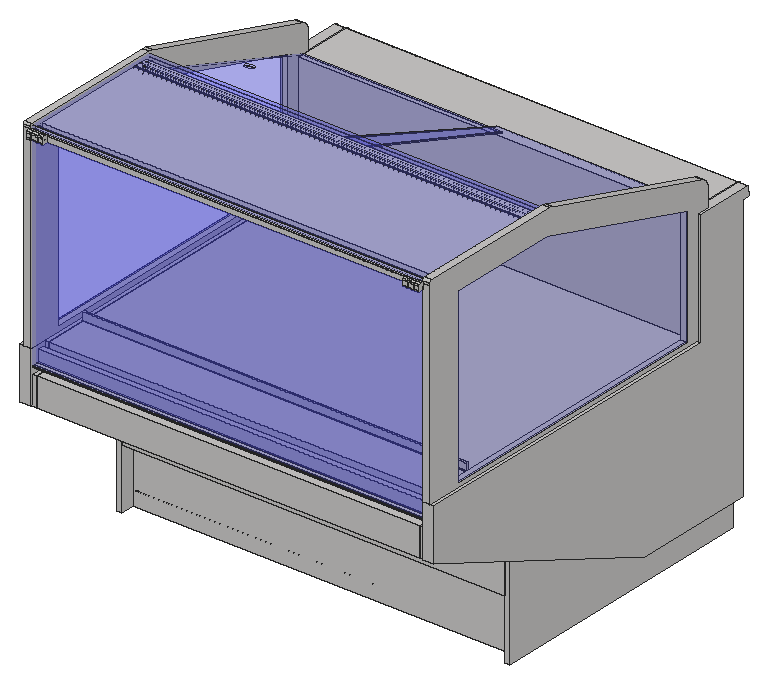
Revit family "QF_OSCARTEK_LA_CROSSE_N1150_cat", category Specialty Equipment, Revit 2026 (continued)
Automatic sketch dimensions
  Extrusion 13 sketch curve to Extrusion 13 sketch curve = 0.0339"
  Extrusion 13 sketch curve to Extrusion 13 sketch curve = 0.43663"
  Extrusion 13 sketch curve to Extrusion 13 sketch curve = 0.14813"
  Extrusion 13 sketch curve to Extrusion 13 sketch curve = 0.04036"
  Extrusion 13 sketch curve to Extrusion 13 sketch curve = 0.07644"
  Extrusion 13 sketch curve to Extrusion 13 sketch curve = 0.32632"
  Extrusion 13 sketch curve to Extrusion 13 sketch curve = 0.00352"
  Extrusion 13 sketch curve to Extrusion 13 sketch curve = 0.04685"
  Extrusion 13 sketch curve to Extrusion 13 sketch curve = 0.10129"
  Extrusion 13 sketch curve to Extrusion 13 sketch curve = 0.03659"
  Extrusion 14 sketch curve to Extrusion 14 sketch curve = 0.05377"
  Extrusion 14 sketch curve to Extrusion 14 sketch curve = 0.05686"
  Extrusion 14 sketch curve to plane 6 "TOP" = 0.92928"
  Extrusion 14 sketch curve to Extrusion 14 sketch curve = 0.14813"
  Extrusion 15 sketch curve to Extrusion 15 sketch curve = 0.05374"  (x2)
  Extrusion 15 sketch curve to plane 6 "TOP" = 1.59393"
  Extrusion 15 sketch curve to Extrusion 15 sketch curve = 0.14807"  (x2)
  Revolve 16 sketch curve to level = 0"
  level to Revolve 16 sketch curve = 0.11814"
  level to Revolve 16 sketch curve = 0.22609"
  Revolve 16 sketch curve to Revolve 16 sketch curve = 0.04798"
  Revolve 16 sketch curve to Revolve 16 sketch curve = 0.33473"
  Revolve 16 sketch curve to Revolve 16 sketch curve = 0.09845"
  Revolve 16 sketch curve to Revolve 16 sketch curve = 0.03938"  (x3)
  Revolve 16 sketch curve to Revolve 16 sketch curve = 0.07876"
  Revolve 16 sketch curve to Revolve 16 sketch curve = 0.0386"
  Revolve 16 sketch curve to Revolve 16 sketch curve = 0.37411"
  Revolve 16 sketch curve to Revolve 16 sketch curve = 0.1677"
  Revolve 16 sketch curve to Revolve 16 sketch curve = 0.87375"
  Revolve 16 sketch curve to Revolve 16 sketch curve = 0.11026"
  Revolve 16 sketch curve to Revolve 16 sketch curve = 0.08213"
  Revolve 16 sketch curve to Revolve 16 sketch curve = 53/128"
  Revolve 16 sketch curve to Revolve 16 sketch curve = 0.05513"
  Revolve 16 sketch curve to Revolve 16 sketch curve = 0.03156"
  Revolve 16 sketch curve to Revolve 16 sketch curve = 0"  (x3)
  Revolve 16 sketch curve to level = 0.9832"
  Revolve 16 sketch curve to Revolve 16 sketch curve = 0.22609"
  Revolve 17 sketch curve to level = 0"
  level to Revolve 17 sketch curve = 0.11814"
  level to Revolve 17 sketch curve = 0.22609"
  Revolve 17 sketch curve to Revolve 17 sketch curve = 0.04798"
  Revolve 17 sketch curve to Revolve 17 sketch curve = 0.33473"
  Revolve 17 sketch curve to Revolve 17 sketch curve = 0.09845"
  Revolve 17 sketch curve to Revolve 17 sketch curve = 0.03938"  (x3)
  Revolve 17 sketch curve to Revolve 17 sketch curve = 0.07876"
  Revolve 17 sketch curve to Revolve 17 sketch curve = 0.0386"
  Revolve 17 sketch curve to Revolve 17 sketch curve = 0.37411"
  Revolve 17 sketch curve to Revolve 17 sketch curve = 0.1677"
  Revolve 17 sketch curve to Revolve 17 sketch curve = 0.87375"
  Revolve 17 sketch curve to Revolve 17 sketch curve = 0.11026"
  Revolve 17 sketch curve to Revolve 17 sketch curve = 0.08213"
  Revolve 17 sketch curve to Revolve 17 sketch curve = 53/128"
  Revolve 17 sketch curve to Revolve 17 sketch curve = 0.05513"
  Revolve 17 sketch curve to Revolve 17 sketch curve = 0.03156"
  Revolve 17 sketch curve to Revolve 17 sketch curve = 0"  (x3)
  Revolve 17 sketch curve to level = 0.9832"
  Revolve 17 sketch curve to Revolve 17 sketch curve = 0.22609"
  Revolve 18 sketch curve to level = 0"
  level to Revolve 18 sketch curve = 0.11814"
  level to Revolve 18 sketch curve = 0.22609"
  Revolve 18 sketch curve to Revolve 18 sketch curve = 0.04798"
  Revolve 18 sketch curve to Revolve 18 sketch curve = 0.33473"
  Revolve 18 sketch curve to Revolve 18 sketch curve = 0.09845"
  Revolve 18 sketch curve to Revolve 18 sketch curve = 0.03938"  (x3)
  Revolve 18 sketch curve to Revolve 18 sketch curve = 0.07876"
  Revolve 18 sketch curve to Revolve 18 sketch curve = 0.0386"
  Revolve 18 sketch curve to Revolve 18 sketch curve = 0.37411"
  Revolve 18 sketch curve to Revolve 18 sketch curve = 0.1677"
  Revolve 18 sketch curve to Revolve 18 sketch curve = 0.87375"
  Revolve 18 sketch curve to Revolve 18 sketch curve = 0.11026"
  Revolve 18 sketch curve to Revolve 18 sketch curve = 0.08213"
  Revolve 18 sketch curve to Revolve 18 sketch curve = 53/128"
  Revolve 18 sketch curve to Revolve 18 sketch curve = 0.05513"
  Revolve 18 sketch curve to Revolve 18 sketch curve = 0.03156"
  Revolve 18 sketch curve to Revolve 18 sketch curve = 0"  (x3)
  Revolve 18 sketch curve to Revolve 18 sketch curve = 0.22609"
  Revolve 18 sketch curve to level = 0.9832"
  Revolve 19 sketch curve to level = 0"
  level to Revolve 19 sketch curve = 0.11814"
  level to Revolve 19 sketch curve = 0.22609"
  Revolve 19 sketch curve to Revolve 19 sketch curve = 0.04798"
  Revolve 19 sketch curve to Revolve 19 sketch curve = 0.33473"
  Revolve 19 sketch curve to Revolve 19 sketch curve = 0.09845"
  Revolve 19 sketch curve to Revolve 19 sketch curve = 0.03938"  (x3)
  Revolve 19 sketch curve to Revolve 19 sketch curve = 0.07876"
  Revolve 19 sketch curve to Revolve 19 sketch curve = 0.0386"
  Revolve 19 sketch curve to Revolve 19 sketch curve = 0.37411"
  Revolve 19 sketch curve to Revolve 19 sketch curve = 0.1677"
  Revolve 19 sketch curve to Revolve 19 sketch curve = 0.87375"
  Revolve 19 sketch curve to Revolve 19 sketch curve = 0.11026"
  Revolve 19 sketch curve to Revolve 19 sketch curve = 0.08213"
  Revolve 19 sketch curve to Revolve 19 sketch curve = 53/128"
  Revolve 19 sketch curve to Revolve 19 sketch curve = 0.05513"
  Revolve 19 sketch curve to Revolve 19 sketch curve = 0.03156"
  Revolve 19 sketch curve to Revolve 19 sketch curve = 0"  (x3)
  Revolve 19 sketch curve to Revolve 19 sketch curve = 0.22609"
  Revolve 19 sketch curve to level = 0.9832"
  plane 1 "BACK" to Extrusion 20 sketch curve = 3.06354"
  Extrusion 20 sketch curve to Extrusion 20 sketch curve = 0.12601"
  Extrusion 20 sketch curve to Extrusion 20 sketch curve = 0.23551"
  Extrusion 20 sketch curve to Extrusion 20 sketch curve = 0.11814"
  Extrusion 20 sketch curve to Extrusion 20 sketch curve = 0.04015"
  level to Extrusion 20 sketch curve = 1.41655"
  Extrusion 20 sketch curve to Extrusion 20 sketch curve = 0.55195"
  plane 1 "BACK" to Extrusion 21 sketch curve = 3.06354"
  Extrusion 21 sketch curve to Extrusion 21 sketch curve = 0.23551"
  Extrusion 21 sketch curve to Extrusion 21 sketch curve = 0.27566"
  plane 1 "BACK" to Extrusion 22 sketch curve = 3.06354"
  Extrusion 22 sketch curve to Extrusion 22 sketch curve = 0.23551"
  Extrusion 22 sketch curve to Extrusion 22 sketch curve = 0.27566"
  Extrusion 29 sketch curve to Extrusion 29 sketch curve = 0"  (x2)
  Extrusion 29 sketch curve to plane 5 "FRONT" = 0"
  plane 5 "FRONT" to Extrusion 29 sketch curve = 0.26581"
  Extrusion 29 sketch curve to Extrusion 29 sketch curve = 0.15451"
  Extrusion 29 sketch curve to Extrusion 29 sketch curve = 0.23957"
  Extrusion 29 sketch curve to Extrusion 29 sketch curve = 0.16053"
  Extrusion 29 sketch curve to plane 6 "TOP" = 1 11/128"
  Extrusion 29 sketch curve to Extrusion 29 sketch curve = 0.33802"
  Extrusion 29 sketch curve to Extrusion 29 sketch curve = 0.20029"
  Extrusion 29 sketch curve to plane 6 "TOP" = 0.25896"
  Extrusion 30 sketch curve to Extrusion 30 sketch curve = 0"  (x2)
  Extrusion 30 sketch curve to plane 5 "FRONT" = 0"
  plane 5 "FRONT" to Extrusion 30 sketch curve = 0.26581"
  Extrusion 30 sketch curve to Extrusion 30 sketch curve = 0.15451"
  Extrusion 30 sketch curve to Extrusion 30 sketch curve = 0.23957"
  Extrusion 30 sketch curve to Extrusion 30 sketch curve = 0.16053"
  Extrusion 30 sketch curve to plane 6 "TOP" = 1 11/128"
  Extrusion 30 sketch curve to Extrusion 30 sketch curve = 0.33802"
  Extrusion 30 sketch curve to Extrusion 30 sketch curve = 0.20029"
  Extrusion 30 sketch curve to plane 6 "TOP" = 0.25896"
  Extrusion 31 sketch curve to Extrusion 31 sketch curve = 0"  (x2)
  Extrusion 31 sketch curve to plane 5 "FRONT" = 0"
  plane 5 "FRONT" to Extrusion 31 sketch curve = 0.26581"
  Extrusion 31 sketch curve to Extrusion 31 sketch curve = 0.15451"
  Extrusion 31 sketch curve to Extrusion 31 sketch curve = 0.23957"
  Extrusion 31 sketch curve to Extrusion 31 sketch curve = 0.16053"
  Extrusion 31 sketch curve to plane 6 "TOP" = 0.25896"
  Extrusion 31 sketch curve to Extrusion 31 sketch curve = 0.2132"
  Extrusion 31 sketch curve to Extrusion 31 sketch curve = 0.20029"
  Extrusion 31 sketch curve to Extrusion 31 sketch curve = 0.33802"
  plane 5 "FRONT" to Extrusion 32 sketch curve = 14.80044"
  Extrusion 32 sketch curve to plane 6 "TOP" = 0.45585"
  plane 5 "FRONT" to Extrusion 32 sketch curve = 1.04131"
  Extrusion 32 sketch curve to Extrusion 32 sketch curve = 0.37898"
  Extrusion 32 sketch curve to plane 5 "FRONT" = 0.18705"
  Extrusion 32 sketch curve to Extrusion 32 sketch curve = 0.10453"
  Extrusion 33 sketch curve to Extrusion 6 = 0"  (x3)
  Extrusion 6 to Extrusion 33 sketch curve = 0"  (x2)
  Extrusion 6 to Extrusion 33 sketch curve = 3.62384"
  Extrusion 33 sketch curve to Extrusion 6 = 12.46551"
  Extrusion 33 sketch curve to Extrusion 6 = 2.04143"
  Extrusion 33 sketch curve to Extrusion 33 sketch curve = 0.55396"
  Extrusion 33 sketch curve to Extrusion 6 = 0.20674"
  Extrusion 33 sketch curve to Extrusion 6 = 7.79361"
  Extrusion 33 sketch curve to Extrusion 33 sketch curve = 0.85654"
  Extrusion 33 sketch curve to Extrusion 6 = 2.74957"
  Extrusion 33 sketch curve to Extrusion 33 sketch curve = 0.95949"
  Extrusion 34 sketch curve to plane 1 "BACK" = 0"
  plane 1 "BACK" to Extrusion 34 sketch curve = 0.78759"
  plane 1 "BACK" to Extrusion 34 sketch curve = 0.03949"
  plane 1 "BACK" to Extrusion 34 sketch curve = 1/32"
  plane 10 to Extrusion 35 sketch curve = 0"
  Extrusion 35 sketch curve to plane 5 "FRONT" = 0"  (x2)
  Extrusion 35 sketch curve to Extrusion 35 sketch curve = 1.46032"
  Extrusion 35 sketch curve to plane 13 = 0.78846"
  Extrusion 35 sketch curve to Extrusion 35 sketch curve = 0.13896"
  Extrusion 35 sketch curve to Extrusion 35 sketch curve = 0.1969"
  Extrusion 35 sketch curve to plane 10 = 0.05605"
  Extrusion 35 sketch curve to plane 5 "FRONT" = 3.96748"
  Extrusion 35 sketch curve to plane 6 "TOP" = 0.1036"
  Extrusion 35 sketch curve to plane 6 "TOP" = 2.67686"
  Extrusion 35 sketch curve to Extrusion 35 sketch curve = 0.25381"
  Extrusion 35 sketch curve to Extrusion 35 sketch curve = 0"
  Extrusion 36 sketch curve to plane 1 "BACK" = 0"
  Extrusion 36 sketch curve to plane 5 "FRONT" = 0"
  plane 1 "BACK" to Extrusion 36 sketch curve = 1/32"
  plane 1 "BACK" to Extrusion 36 sketch curve = 0.03949"
  Extrusion 36 sketch curve to Extrusion 36 sketch curve = 0.7481"
  Extrusion 36 sketch curve to plane 13 = 7.48782"
  Extrusion 36 sketch curve to Extrusion 36 sketch curve = 1.04753"
  Extrusion 37 sketch curve to Extrusion 35 = 0"  (x3)
  Extrusion 35 to Extrusion 37 sketch curve = 0"
  Extrusion 35 to Extrusion 37 sketch curve = 0.13896"
  Extrusion 38 sketch curve to level = 0"
  plane 1 "BACK" to Extrusion 38 sketch curve = 0.78759"
  Extrusion 38 sketch curve to plane 5 "FRONT" = 2.04143"
  Extrusion 38 sketch curve to Extrusion 38 sketch curve = 0.55396"
  Extrusion 38 sketch curve to plane 5 "FRONT" = 0.20674"
  Extrusion 38 sketch curve to Extrusion 38 sketch curve = 1.79009"
  Extrusion 5 sketch curve to Extrusion 5 sketch curve = 0.48497"
  Extrusion 7 sketch curve to Extrusion 7 sketch curve = 0.10918"
  Extrusion 35 sketch curve to Extrusion 35 sketch curve = 0.48497"
  Extrusion 36 sketch curve to Extrusion 36 sketch curve = 5.95666"
  Extrusion 38 sketch curve to Extrusion 38 sketch curve = 3.29314"
  Extrusion 38 sketch curve to Extrusion 38 sketch curve = 0.95949"
  level to Extrusion 4 sketch curve = 6.81218"
  level to Extrusion 6 sketch curve = 3.62384"
  Extrusion 20 sketch curve to Extrusion 20 sketch curve = 3.54275"
  level to Extrusion 21 sketch curve = 5.70968"
  level to Extrusion 22 sketch curve = 5.70968"
  level to Extrusion 36 sketch curve = 3.62384"
  plane 13 to curve 19 = 1.73469"
  curve 19 to curve 16 = 0.30232"
  plane 13 to curve 14 = 2.03701"
  curve 18 to curve 14 = 0.8929"
  Extrusion 2 sketch curve to Extrusion 2 sketch curve = 1.33103"
  plane 13 to Extrusion 3 sketch curve = 3.05712"
  plane 13 to Extrusion 5 sketch curve = 0.57669"
  plane 13 to Extrusion 5 sketch curve = 0.82697"
  plane 13 to Extrusion 5 sketch curve = 1.18305"
  plane 13 to Extrusion 6 sketch curve = 0.57669"
  plane 13 to Extrusion 14 sketch curve = 1.67783"
  plane 13 to Extrusion 15 sketch curve = 1.09037"
  plane 13 to Revolve 17 sketch curve = 2.87007"
  plane 13 to Revolve 19 sketch curve = 2.87007"
  plane 13 to Extrusion 34 sketch curve = 0.57669"
  plane 13 to Extrusion 35 sketch curve = 0.57669"
  plane 13 to Extrusion 35 sketch curve = 0.82697"
  plane 13 to Extrusion 35 sketch curve = 1.18305"
  plane 13 to Extrusion 36 sketch curve = 0.57669"
  plane 13 to Extrusion 38 sketch curve = 0.57669"
  plane 12 to curve 22 = 5.59419"
  plane 12 to Extrusion 2 sketch curve = 6.61806"
  plane 12 to Extrusion 2 sketch curve = 8.19324"
  plane 12 to Extrusion 3 sketch curve = 6.61806"
  plane 12 to Extrusion 4 sketch curve = 8.58703"
  plane 12 to Extrusion 5 sketch curve = 5.04637"
  Extrusion 5 sketch curve to plane 6 "TOP" = 1.1408"
  Extrusion 5 sketch curve to Extrusion 5 sketch curve = 0.31139"
  plane 12 to Extrusion 10 sketch curve = 5.59419"
  plane 12 to Extrusion 11 sketch curve = 8.52577"
  plane 12 to Extrusion 12 sketch curve = 7.83883"
  Extrusion 12 sketch curve to Extrusion 12 sketch curve = 0.55837"
  Extrusion 13 sketch curve to plane 6 "TOP" = 1.56084"
  plane 12 to Extrusion 13 sketch curve = 6.86593"
  Extrusion 13 sketch curve to Extrusion 13 sketch curve = 0.02748"
  Extrusion 13 sketch curve to plane 6 "TOP" = 1.54733"
  Extrusion 13 sketch curve to plane 6 "TOP" = 1.62739"
  Extrusion 13 sketch curve to Extrusion 13 sketch curve = 0.24735"
  plane 12 to Extrusion 14 sketch curve = 5.91463"
  plane 12 to Extrusion 15 sketch curve = 6.21913"
  plane 12 to Revolve 16 sketch curve = 8.38029"
  plane 12 to Revolve 18 sketch curve = 8.38029"
  plane 12 to Extrusion 35 sketch curve = 5.04637"
  Extrusion 35 sketch curve to plane 6 "TOP" = 1.1408"
  Extrusion 35 sketch curve to Extrusion 35 sketch curve = 0.31139"
  plane 12 to Extrusion 38 sketch curve = 10.18984"
  Extrusion 2 sketch curve to Extrusion 2 sketch curve = 8.99166"
  Extrusion 2 sketch curve to Extrusion 2 sketch curve = 12.90563"
  Extrusion 5 sketch curve to plane 6 "TOP" = 6.55012"
  Extrusion 5 sketch curve to Extrusion 5 sketch curve = 2.10591"
  Extrusion 5 sketch curve to Extrusion 5 sketch curve = 12.70296"
  level to Extrusion 6 sketch curve = 16.29292"
  Extrusion 6 sketch curve to Extrusion 6 sketch curve = 18.62573"
  Extrusion 6 sketch curve to plane 6 "TOP" = 10.93079"
  Extrusion 6 sketch curve to Extrusion 6 sketch curve = 1.04753"
  level to Extrusion 7 sketch curve = 21.77684"
  level to Extrusion 8 sketch curve = 20.37887"
  Extrusion 14 sketch curve to plane 6 "TOP" = 9.66154"
  Extrusion 14 sketch curve to Extrusion 14 sketch curve = 0.14694"
  Extrusion 15 sketch curve to plane 6 "TOP" = 9.66041"
  Extrusion 21 sketch curve to Extrusion 21 sketch curve = 9.28262"
  Extrusion 21 sketch curve to Extrusion 21 sketch curve = 0.03874"
  Extrusion 22 sketch curve to Extrusion 22 sketch curve = 9.28257"
  Extrusion 22 sketch curve to Extrusion 22 sketch curve = 0.03879"
  level to Extrusion 32 sketch curve = 20.41189"
  level to Extrusion 34 sketch curve = 14.45596"
  Extrusion 34 sketch curve to Extrusion 34 sketch curve = 0.85654"
  Extrusion 34 sketch curve to plane 6 "TOP" = 10.93079"
  Extrusion 34 sketch curve to Extrusion 34 sketch curve = 1.04753"
  Extrusion 35 sketch curve to plane 6 "TOP" = 6.55012"
  Extrusion 35 sketch curve to Extrusion 35 sketch curve = 1.1501"
  Extrusion 35 sketch curve to Extrusion 35 sketch curve = 2.10591"
  Extrusion 35 sketch curve to Extrusion 35 sketch curve = 12.70296"
  level to Extrusion 36 sketch curve = 16.29292"
  Extrusion 36 sketch curve to plane 6 "TOP" = 10.93079"
  level to Extrusion 38 sketch curve = 11.10402"
  level to Extrusion 38 sketch curve = 14.45596"
  Extrusion 38 sketch curve to Extrusion 38 sketch curve = 0.85654"
  Extrusion 38 sketch curve to Extrusion 38 sketch curve = 5.10283"
  Extrusion 20 to Extrusion 39 sketch curve = 1.98954"
  Extrusion 20 to Extrusion 39 sketch curve = 7.55684"
  Extrusion 1 sketch curve to plane 5 "FRONT" = 0.20674"
  Extrusion 1 sketch curve to Extrusion 1 sketch curve = 1.28073"
  Extrusion 1 sketch curve to plane 5 "FRONT" = 2.04143"
  Extrusion 1 sketch curve to plane 19 = 0.61926"
  Extrusion 1 sketch curve to plane 5 "FRONT" = 3.91469"
  plane 19 to Extrusion 1 sketch curve = 21/256"
  Extrusion 1 sketch curve to Extrusion 1 sketch curve = 0.29193"
  Extrusion 1 sketch curve to Extrusion 1 sketch curve = 4.89607"
  Extrusion 1 sketch curve to Extrusion 1 sketch curve = 1/16"
  plane 12 to Extrusion 1 sketch curve = 10.18984"
  Extrusion 1 sketch curve to Extrusion 1 sketch curve = 1/32"
  Extrusion 1 sketch curve to Extrusion 1 sketch curve = 0.52754"
  Extrusion 1 sketch curve to Extrusion 1 sketch curve = 0.0319"
  Extrusion 1 sketch curve to Extrusion 1 sketch curve = 1.90819"
  plane 13 to Extrusion 1 sketch curve = 0.57669"
  Extrusion 1 sketch curve to plane 19 = 0.85654"
  Extrusion 1 sketch curve to plane 19 = 4.19162"
  Extrusion 1 sketch curve to Extrusion 1 sketch curve = 0.01685"
  Extrusion 1 sketch curve to Extrusion 1 sketch curve = 0.05526"
  Extrusion 1 sketch curve to Extrusion 1 sketch curve = 3.77273"
  Extrusion 1 sketch curve to Extrusion 1 sketch curve = 0.36623"
  Extrusion 1 sketch curve to Extrusion 1 sketch curve = 0.02757"
  plane 19 to Extrusion 1 sketch curve = 0.89436"
  Extrusion 1 sketch curve to Extrusion 1 sketch curve = 3.29314"
  Extrusion 1 sketch curve to Extrusion 1 sketch curve = 0.95949"
  Extrusion 1 sketch curve to Extrusion 1 sketch curve = 1.04009"
  Extrusion 1 sketch curve to Extrusion 1 sketch curve = 0"  (x2)
  Extrusion 1 sketch curve to Extrusion 1 sketch curve = 1.79009"
  Extrusion 1 sketch curve to Extrusion 1 sketch curve = 7/8"
  Extrusion 1 sketch curve to Extrusion 1 sketch curve = 1/8"
  Extrusion 40 sketch curve to plane 14 = 23/32"
  Extrusion 40 sketch curve to plane 15 = 23/32"
  Extrusion 40 sketch curve to Extrusion 40 sketch curve = 0"
  curve 45 to plane 17 = 1.18676"
  curve 45 to curve 44 = 0.48971"
  curve 44 to curve 45 = 0.01155"  (x2)
  curve 44 to curve 45 = 0.02311"
  curve 44 to plane 14 = 0.21749"
  plane 8 "Center X" to curve 44 = 6.38085"
  curve 44 to curve 44 = 0.48192"
  curve 46 to plane 15 = 0.21774"
  curve 46 to curve 47 = 0.49176"  (x2)
  curve 47 to curve 46 = 0.00925"  (x2)
  curve 47 to curve 46 = 0.0185"
  plane 8 "Center X" to curve 47 = 6.61864"
  curve 47 to curve 46 = 0.47571"
  radius of Extrusion 23 sketch curve = 0.13783"
  radius of Extrusion 24 sketch curve = 0.13783"
  radius of Extrusion 25 sketch curve = 0.13783"
  radius of Extrusion 26 sketch curve = 0.13783"
  radius of Extrusion 27 sketch curve = 0.13783"
  radius of Extrusion 28 sketch curve = 0.13783"
  radius of Extrusion 9 sketch curve to Extrusion 5 = 0"
  radius of Extrusion 29 sketch curve = 0.13783"
  radius of Extrusion 30 sketch curve = 0.13783"
  radius of Extrusion 31 sketch curve = 0.13783"
  radius of Extrusion 37 sketch curve to Extrusion 35 = 0"
  radius of Extrusion 39 sketch curve = 1/4"
  radius of Extrusion 40 sketch curve = 1/2"  (x2)
Connectors (in)
  electrical at (9.24383, -2.66289, 3.40609), driven by "Volts", driven by "Watts"
    settings: on Extrusion 39, index 7, voltage 208 V, apparent load 416 VA, apparent load phase1 0 VA, apparent load phase2 0 VA, apparent load phase3 0 VA, power factor 1, load classification "Other", number of poles 1, system type 30, power factor state 1, is connector primary yes, connector utility no, sub classification motor no, connector description "ELECTRICAL CONNECTION"
